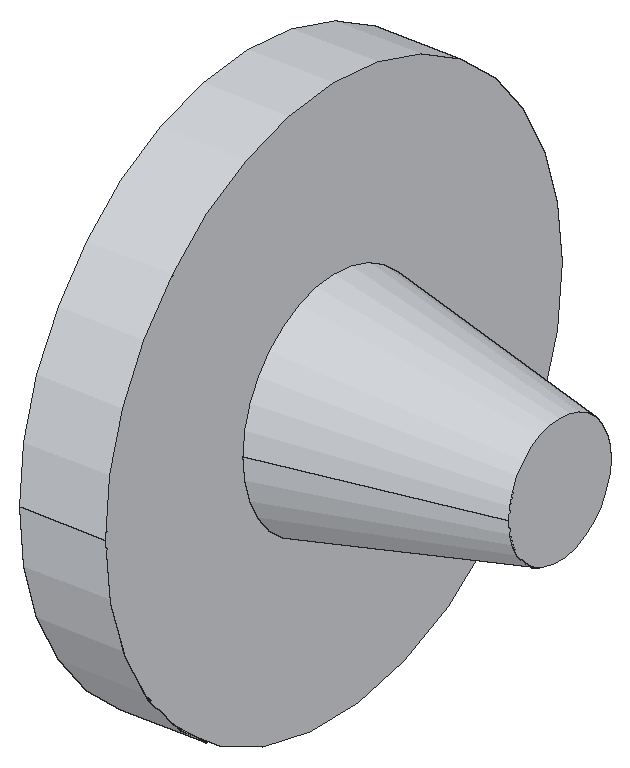
Revit family "M_Flange - Pescoço de solda - Aço - Classe 400", category Conexões de tubo, Revit 2019
Family settings
  Cota do conector redondo = Usar raio
  Tipo de parte = Flange
  Número OmniClass = 23.60.30.11.14
  Título OmniClass = Pipework Fittings
  ID de item do Seek = Flange - Weld Neck - Steel - Class 400-0000-CAN-ENU
  Com base no plano de trabalho = Não
  Sempre na vertical = Sim
  Corte com vazios quando carregada = Não
  Compartilhado = Não
Parameters (values of type "Padrão")
  Tamanho da marca de revisão [instance] = Diâmetro externo da flange * 0.4  # 38 mm
  Espessura da face elevada [instance] = 6.35 mm  # constant formula
  Raio da face elevada [instance] = Diâmetro da face elevada / 2  # 17.45 mm
  Diâmetro da face elevada [instance] = size_lookup(Nome da tabela de pesquisa, "RFD", 1.11 * Diâmetro nominal + 34.727 mm, Diâmetro nominal)  # 34.9 mm
  Raio nominal [instance] = 7.5 mm
  Diâmetro nominal [instance] = Raio nominal * 2  # 15 mm
  Método de perda = Não definido
  Nome da tabela de pesquisa = "M_Flange - Weld Neck - Steel - Class 400"
  Comprimento pelo hub [instance] = size_lookup(Nome da tabela de pesquisa, "LTH", 0.22 * Diâmetro nominal + 63.798 mm, Diâmetro nominal)  # 52 mm
  Raio do hub [instance] = Diâmetro do hub / 2  # 19 mm
  Diâmetro do hub [instance] = size_lookup(Nome da tabela de pesquisa, "HDia", 1.13 * Diâmetro nominal + 29.369 mm, Diâmetro nominal)  # 38 mm
  Raio inicial do hub [instance] = Diâmetro inicial do hub / 2  # 10.65 mm
  Diâmetro inicial do hub [instance] = size_lookup(Nome da tabela de pesquisa, "HBD", 1 * Diâmetro nominal + 11.509 mm, Diâmetro nominal)  # 21.3 mm
  Espessura do flange [instance] = size_lookup(Nome da tabela de pesquisa, "FThk", 0.11 * Diâmetro nominal + 20.935 mm, Diâmetro nominal)  # 14.3 mm
  Raio externo da flange [instance] = Diâmetro externo da flange / 2  # 47.5 mm
  Diâmetro externo da flange [instance] = size_lookup(Nome da tabela de pesquisa, "FOD", 1.37 * Diâmetro nominal + 99.219 mm, Diâmetro nominal)  # 95 mm
Reference planes
  plane 1 "Centro (Frente/Trás)": y = 0
  plane 2: z = 0
  plane 3 "Centro (Esquerda/Direita)": x = 0
  plane 4: x = 6.35
  plane 5: x = 20.65
  plane 6: x = 58.35
  plane 7: y = 38
  plane 8: y = -38
Forms (mm)
  Sweep 1, solid, detail levels fine
    path in 3D
      loop
        line (0, 0, 0) -> (6.35, 0, 0)
    profile origin (3.175, 0, 0) x (0, 1, 0) y (0, 0, 1)
      loop
        circle (0, 0) r 17.45
  Sweep 2, solid, detail levels fine
    path in 3D
      loop
        line (6.35, 0, 0) -> (20.65, 0, 0)
    profile origin (13.5, 0, 0) x (0, 1, 0) y (0, 0, 1)
      loop
        circle (0, 0) r 47.5
  SweptBlend 3, solid, detail levels fine
    path in 3D
      loop
        line (20.65, 0, 0) -> (58.35, 0, 0)
    profile origin (20.65, 0, 0) x (0, 1, 0) y (0, 0, 1)
      loop
        circle (0, 0) r 19
    end profile origin (58.35, 0, 0) x (0, 1, 0) y (0, 0, 1)
      loop
        circle (0, 0) r 10.65
Cuts and joins
  joined: Sweep 1, Sweep 2, SweptBlend 3
Lines and regions (mm)
  model lines, detail levels coarse+medium
    curve 1: line (0, 0, 0) -> (6.35, 0, 0)
    curve 2: line (6.35, 0, 0) -> (20.65, 0, 0)
    curve 3: line (20.65, 0, 0) -> (58.35, 0, 0)
    curve 6: line (20.65, 38, 0) -> (20.65, -38, 0)
  sketch lines
    curve 4: line (0, 0, 0) -> (6.35, 0, 0)
    curve 5: line (6.35, 0, 0) -> (20.65, 0, 0)
    curve 7: line (20.65, 0, 0) -> (58.35, 0, 0)
Dimensions and locks
  "Espessura da face elevada": plane 3 "Centro (Esquerda/Direita)" to plane 4
  "Espessura do flange": plane 4 to plane 5
  "Comprimento pelo hub": plane 4 to plane 6
  equal spacing: plane 7, plane 1 "Centro (Frente/Trás)", plane 8
  "Tamanho da marca de revisão": plane 7 to plane 1 "Centro (Frente/Trás)"
  "Raio da face elevada": radius of Sweep 1 sketch curve
  "Raio externo da flange": radius of Sweep 2 sketch curve
  "Raio do hub": radius of SweptBlend 3 sketch curve
  "Raio inicial do hub": radius of SweptBlend 3 sketch curve
  aligned and locked: plane 3 "Centro (Esquerda/Direita)" to curve 1
  aligned and locked: plane 4 to curve 1
  aligned and locked: plane 1 "Centro (Frente/Trás)" to curve 1
  aligned and locked: plane 1 "Centro (Frente/Trás)" to curve 2
  aligned and locked: plane 5 to curve 3
  aligned and locked: plane 6 to curve 3
  aligned and locked: plane 1 "Centro (Frente/Trás)" to curve 3
  aligned and locked: plane 7 to curve 6
  aligned and locked: plane 8 to curve 6
  aligned and locked: curve 6 to plane 5
  aligned and locked: plane 1 "Centro (Frente/Trás)" to SweptBlend 3 sketch curve  (x2)
  aligned and locked: plane 2 to SweptBlend 3 sketch curve  (x2)
Automatic sketch dimensions
  Sweep 1 sketch curve to profile plane = 0 mm  (x2)
  Sweep 2 sketch curve to profile plane = 0 mm  (x2)
Connectors
  piping at (0, 0, 0), diameter 15, driven by "Raio nominal"
    settings: on cut or joined group of Sweep 1, Sweep 2, SweptBlend 3, index 1, connector inside diameter 15 mm, connector length 0 mm, flow factor 0, pipe flow 0.0 L/s, pressure drop 0.0 Pa, fitting loss kfactor 0, connector angle 0.00°, fixture units 0, engagement length 0 mm, angle of deflection 0.00°, flow configuration 0, flow direction 0, fitting loss method 0, system type 28, joint type 0, gender type 0, connector reference index 2, connector utility 0, adjustable connector no, is connector primary yes, connector description ""
  piping at (58.35, 0, 0), diameter 15, driven by "Raio nominal"
    settings: on cut or joined group of Sweep 1, Sweep 2, SweptBlend 3, index 2, connector inside diameter 15 mm, connector length 0 mm, flow factor 0, pipe flow 0.0 L/s, pressure drop 0.0 Pa, fitting loss kfactor 0, connector angle 0.00°, fixture units 0, engagement length 0 mm, angle of deflection 0.00°, flow configuration 0, flow direction 0, fitting loss method 0, system type 28, joint type 0, gender type 0, connector reference index 1, connector utility 0, adjustable connector no, is connector primary no, connector description ""
